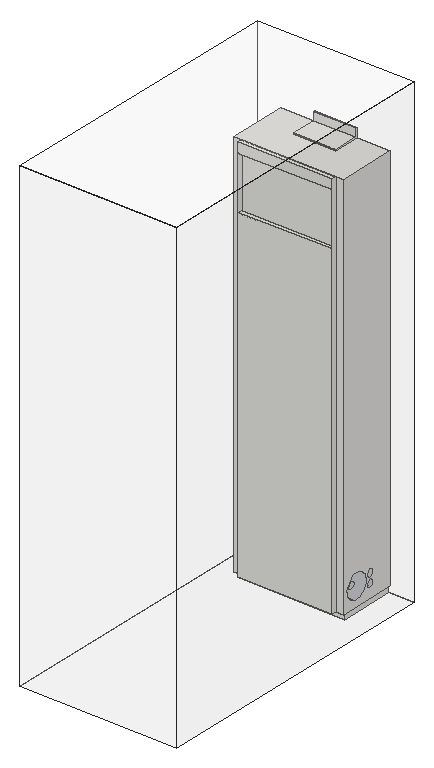
Revit family "ps-rp50_160ka22_50hz", category 機械設備, Revit 2023
Family settings
  丸型コネクタ寸法 = 直径を使用
  パーツ タイプ = 標準
  OmniClass 番号 = 23.75.10.24.21.27.27
  OmniClass タイトル = Split System Air Conditioning Units
  作業面ベース = いいえ
  常に垂直 = はい
  ロード時にボイドで切り取り = いいえ
  注釈の向きを維持 = いいえ
  共有 = いいえ
  部屋計算ポイント = はい
Parameters (values of type "PS-RP50KA22")
  風量_強 (㎥/min) = 14
  風量_弱 (㎥/min) = 12
  風量_中 (㎥/min) = 13
  風量 = MAX風量  # 840.0 m³/h
  音響パワーレベル_弱 (dB) = 52
  音響パワーレベル_中 (dB) = 54
  音響パワーレベル_強 (dB) = 56
  音響パワーレベル(dB) = [音響パワーレベル_強 (dB)]  # 56
  電線用ノックアウト穴Z2 = 90 mm
  電線用ノックアウト穴Z1 = 130 mm
  電線用ノックアウト穴Y = 110 mm
  電源種別 = ""
  電源_H = 0 mm
  電機品箱位置W = 22 mm
  電機品箱位置H = 641 mm
  電機品箱位置D = 170 mm
  電機品箱W = 348 mm
  電機品箱H = 151 mm
  電機品箱D = 61 mm
  電圧 = 0 V
  電動機出力_送風機 = 0.05 kW
  運転質量 = 0.00 kg
  連動 = ""
  転倒防止金具幅 = 180 mm
  質量 = if(製品質量 > 運転質量, 製品質量, 運転質量) * 1.2  # 42.00 kg
  負荷分類 = 3_ファン類
  構成品番 = ""
  既定の高さ = 0 mm
  吊り位置y_3 = 175 mm
  吊り位置X_3 = 80 mm
  冷媒，ドレン配管用ノックアウト穴正面-Z = 105 mm
  冷媒，ドレン配管用ノックアウト穴正面-X2 = 20 mm
  ドレン管径 (外径) = 26 mm
  【値が 0 の項目は組合せ形名にてご確認ください】 = ""
  MIN風量 = [風量_弱 (㎥/min)] * 60.0 m³/h  # 720.0 m³/h
  MID風量 = [風量_中 (㎥/min)] * 60.0 m³/h  # 780.0 m³/h
  MAX風量 = [風量_強 (㎥/min)] * 60.0 m³/h  # 840.0 m³/h
  吸込口高さ = 585 mm
  吸込口幅 = 405 mm
  吊り位置Y_1 = 55 mm
  吊り位置Y_2 = 145 mm
  吊り位置X_2 = 280 mm
  吊り位置X_1 = 200 mm
  冷媒，ドレン配管用ノックアウト穴側面-Z = 110 mm
  冷媒，ドレン配管用ノックアウト穴側面-Y = 180 mm
  冷媒，ドレン配管用ノックアウト穴正面-X1 = 75 mm
  冷媒液管位置-Z = 550 mm
  冷媒液管位置-Y = 201 mm
  冷媒液管位置-X = 45 mm
  冷媒ガス管位置-Z = 402 mm
  冷媒ガス管位置-Y = 186 mm
  冷媒ガス管位置-X = 78 mm
  吹出口高さ = 230 mm
  吹出口幅 = 400 mm
  ドレン管径-Y = 210 mm
  ドレン管径-X = 25 mm
  Width = 470 mm
  URL = "https://www.mitsubishielectric.co.jp/ldg/wink/qr/002/364631"
  Height = 1700 mm
  説明 = "店舗・事務所用パッケージエアコン(Mr.SLIM) 床置形"
  設計暖房能力 = 0.00 kW
  設計冷房能力_顕熱 = 0 kW
  設計冷房能力 = 0 kW
  設置方法 = "床置形"
  記号 = ""
  製造元 = "三菱電機株式会社"
  製品質量 = 35.00 kg
  製品出荷対象 = "国内"
  製品リリース年月 = "2026/5/11"
  製品グループ = ""
  系統 = ""
  符号 = "PAC_FRV"
  積算_科目 = "1 空気調和設備"
  積算_拾い区分 [instance] = ""
  盤記号 = ""
  発停方法 = "別売リモコン"
  特殊仕様 = ""
  火災停止 = ""
  消費電力_暖房 = 0.08 kW
  消費電力_冷房 = 0.09 kW
  消費電力 = if(消費電力_冷房 > 消費電力_暖房, 消費電力_冷房, 消費電力_暖房)  # 0.09 kW
  法定耐用年数 = "6"
  極数 = 3
  材質 = ""
  本体マテリアル = none
  有効加湿量 = 0
  暖房能力 = 5.00 kW
  形式_加湿器 = ""
  形式 = "床置（露出）立形"
  幹線記号 = ""
  始動方式 = "インバータ"
  呼称 = "パッケージ形空気調和機_室内機"
  周波数 = 50 Hz
  台数_手元リモコン = ""
  台数_冷媒分岐ユニット = ""
  参照している仕様書等のバージョン = "公共建築工事標準仕様書（機械設備工事編）平成31年度版"
  加湿給水管径 = 0 mm
  分類コード = "50053003123100"
  分類グループ = "設備"
  冷房能力 = 4.5 kW
  冷媒高低圧ガス管径 = 0 mm
  冷媒管径符号 = "Ac"
  冷媒管径 = 100 mm
  冷媒液管径 = 6.35 mm
  冷媒ガス管径 = 12.7 mm
  企業コード = "108420"
  付属品_フィルター = ""
  付属品 = ""
  モデル = "PS-RP50KA22"
  パネルマテリアル = none
  ドレン管径 = 20 mm
  サービススペース = yes
  コメント [instance] = ""
  Version = ""
  Uniclass2015Version = "Systems v1.9"
  Uniclass2015Title = "Split coil remote air cooled condensing units"
  Uniclass2015Code = "Pr_70_65_03_84"
  SpecificationReference = ""
  SpecificationDescription = ""
  Revision = ""
  ProductInformation = ""
  OmniClassCode = "23-33 17 13 11"
  IfcTypeProduct = ""
  IfcProduct = ""
  IfcExportType = "AIRCONDITIONINGUNIT"
  IfcExportAs = "IfcUnitaryEquipmentType"
  Depth = 270 mm
  価格 = 0
  Clearance Top = 300 mm
  Clearance Right = 100 mm
  Clearance Left = 100 mm
  Clearance Front = 1000 mm
  Clearance Bottom = 0 mm
  Clearance Back = 5 mm
  BLCJ仕様バージョン = "2.0"
  B = 797 mm
  Author = "三菱電機株式会社"
  A = 172.5 mm
Types (8, lengths in mm): name | 風量_強 (㎥/min) | 風量_弱 (㎥/min) | 風量_中 (㎥/min) | 風量 | 音響パワーレベル_弱 (dB) | 音響パワーレベル_中 (dB) | 音響パワーレベル_強 (dB) | 音響パワーレベル(dB) | 電線用ノックアウト穴Z1 | 電線用ノックアウト穴Y | 電機品箱位置H | 電機品箱位置D | 電機品箱W | 電機品箱H | 電機品箱D | 電動機出力_送風機 | 転倒防止金具幅 | 質量 | 吊り位置y_3 | 吊り位置X_3 | 冷媒，ドレン配管用ノックアウト穴正面-Z | MIN風量 | MID風量 | MAX風量 | 吸込口高さ | 吸込口幅 | 吊り位置Y_1 | 吊り位置Y_2 | 吊り位置X_2 | 吊り位置X_1 | 冷媒，ドレン配管用ノックアウト穴側面-Z | 冷媒，ドレン配管用ノックアウト穴側面-Y | 冷媒，ドレン配管用ノックアウト穴正面-X1 | 冷媒液管位置-Z | 冷媒液管位置-Y | 冷媒液管位置-X | 冷媒ガス管位置-Z | 冷媒ガス管位置-Y | 冷媒ガス管位置-X | 吹出口高さ | 吹出口幅 | ドレン管径-Y | ドレン管径-X | Width | URL | Height | 製品質量 | 消費電力_暖房 | 消費電力_冷房 | 消費電力 | 暖房能力 | 冷房能力 | 冷媒管径符号 | 冷媒液管径 | 冷媒ガス管径 | モデル | Depth | B | A
  PS-RP50KA22 | 14 | 12 | 13 | 840.0 m³/h | 52 | 54 | 56 | 56 | 130 | 110 | 641 | 170 | 348 | 151 | 61 | 0.05 kW | 180 | 42.00 kg | 175 | 80 | 105 | 720.0 m³/h | 780.0 m³/h | 840.0 m³/h | 585 | 405 | 55 | 145 | 280 | 200 | 110 | 180 | 75 | 550 | 201 | 45 | 402 | 186 | 78 | 230 | 400 | 210 | 25 | 470 | "https://www.mitsubishielectric.co.jp/ldg/wink/qr/002/364631" | 1700 | 35.00 kg | 0.08 kW | 0.09 kW | 0.09 kW | 5.00 kW | 4.5 kW | "Ac" | 6.35 | 12.7 | "PS-RP50KA22" | 270 | 797 | 172.5
  PS-RP56KA22 | 14 | 12 | 13 | 840.0 m³/h | 52 | 54 | 56 | 56 | 130 | 110 | 641 | 170 | 348 | 151 | 61 | 0.05 kW | 180 | 42.00 kg | 175 | 80 | 105 | 720.0 m³/h | 780.0 m³/h | 840.0 m³/h | 585 | 405 | 55 | 145 | 280 | 200 | 110 | 180 | 75 | 550 | 201 | 45 | 402 | 186 | 78 | 230 | 400 | 210 | 25 | 470 | "https://www.mitsubishielectric.co.jp/ldg/wink/qr/002/364632" | 1700 | 35.00 kg | 0.08 kW | 0.09 kW | 0.09 kW | 5.60 kW | 5 kW | "Ac" | 6.35 | 12.7 | "PS-RP56KA22" | 270 | 797 | 172.5
  PS-RP63KA22 | 15 | 13 | 14 | 900.0 m³/h | 52 | 54 | 56 | 56 | 130 | 110 | 641 | 170 | 348 | 151 | 61 | 0.05 kW | 180 | 42.00 kg | 175 | 80 | 105 | 780.0 m³/h | 840.0 m³/h | 900.0 m³/h | 585 | 405 | 55 | 145 | 280 | 200 | 110 | 180 | 75 | 550 | 201 | 45 | 402 | 186 | 78 | 230 | 400 | 210 | 25 | 470 | "https://www.mitsubishielectric.co.jp/ldg/wink/qr/002/364633" | 1700 | 35.00 kg | 0.08 kW | 0.09 kW | 0.09 kW | 6.30 kW | 5.6 kW | "Ac" | 6.35 | 12.7 | "PS-RP63KA22" | 270 | 797 | 172.5
  PS-RP71KA22 | 15 | 13 | 14 | 900.0 m³/h | 52 | 55 | 57 | 57 | 130 | 110 | 641 | 170 | 348 | 151 | 61 | 0.05 kW | 180 | 42.00 kg | 175 | 80 | 105 | 780.0 m³/h | 840.0 m³/h | 900.0 m³/h | 585 | 405 | 55 | 145 | 280 | 200 | 110 | 180 | 75 | 550 | 201 | 45 | 402 | 186 | 78 | 230 | 400 | 210 | 25 | 470 | "https://www.mitsubishielectric.co.jp/ldg/wink/qr/002/364634" | 1700 | 35.00 kg | 0.08 kW | 0.09 kW | 0.09 kW | 7.10 kW | 6.3 kW | "Bd" | 9.52 | 15.88 | "PS-RP71KA22" | 270 | 797 | 172.5
  PS-RP80KA22 | 15 | 13 | 14 | 900.0 m³/h | 52 | 55 | 57 | 57 | 130 | 110 | 641 | 170 | 348 | 151 | 61 | 0.05 kW | 180 | 42.00 kg | 175 | 80 | 105 | 780.0 m³/h | 840.0 m³/h | 900.0 m³/h | 585 | 405 | 55 | 145 | 280 | 200 | 110 | 180 | 75 | 550 | 201 | 45 | 402 | 186 | 78 | 230 | 400 | 210 | 25 | 470 | "https://www.mitsubishielectric.co.jp/ldg/wink/qr/002/364635" | 1700 | 35.00 kg | 0.08 kW | 0.09 kW | 0.09 kW | 8.00 kW | 7.1 kW | "Bd" | 9.52 | 15.88 | "PS-RP80KA22" | 270 | 797 | 172.5
  PS-RP112KA22 | 30 | 24 | 27 | 1800.0 m³/h | 57 | 61 | 63 | 63 | 140 | 190 | 714 | 245 | 461 | 123 | 66 | 0.11 kW | 260 | 57.60 kg | 254 | 99 | 110 | 1440.0 m³/h | 1620.0 m³/h | 1800.0 m³/h | 599 | 524 | 77 | 201 | 277 | 218 | 115 | 260 | 105 | 590 | 261 | 48 | 480 | 261 | 95 | 260 | 520 | 289 | 27 | 600 | "https://www.mitsubishielectric.co.jp/ldg/wink/qr/002/364636" | 1900 | 48.00 kg | 0.11 kW | 0.12 kW | 0.12 kW | 11.20 kW | 10 kW | "Bd" | 9.52 | 15.88 | "PS-RP112KA22" | 360 | 834 | 181
  PS-RP140KA22 | 30 | 24 | 27 | 1800.0 m³/h | 57 | 61 | 63 | 63 | 140 | 190 | 714 | 245 | 461 | 123 | 66 | 0.11 kW | 260 | 57.60 kg | 254 | 99 | 110 | 1440.0 m³/h | 1620.0 m³/h | 1800.0 m³/h | 599 | 524 | 77 | 201 | 277 | 218 | 115 | 260 | 105 | 590 | 261 | 48 | 480 | 261 | 95 | 260 | 520 | 289 | 27 | 600 | "https://www.mitsubishielectric.co.jp/ldg/wink/qr/002/364637" | 1900 | 48.00 kg | 0.11 kW | 0.12 kW | 0.12 kW | 14.00 kW | 12.5 kW | "Bd" | 9.52 | 15.88 | "PS-RP140KA22" | 360 | 834 | 181
  PS-RP160KA22 | 30 | 24 | 27 | 1800.0 m³/h | 59 | 62 | 64 | 64 | 140 | 190 | 714 | 245 | 461 | 123 | 66 | 0.11 kW | 260 | 57.60 kg | 254 | 99 | 110 | 1440.0 m³/h | 1620.0 m³/h | 1800.0 m³/h | 599 | 524 | 77 | 201 | 277 | 218 | 115 | 260 | 105 | 590 | 261 | 48 | 480 | 261 | 95 | 260 | 520 | 289 | 27 | 600 | "https://www.mitsubishielectric.co.jp/ldg/wink/qr/002/364638" | 1900 | 48.00 kg | 0.11 kW | 0.12 kW | 0.12 kW | 16.00 kW | 14 kW | "Bd" | 9.52 | 15.88 | "PS-RP160KA22" | 360 | 834 | 181
Reference planes
  plane 1 "中心(正面/背面)": y = 0
  plane 2: z = 0
  plane 3 "中心(左/右)": x = 0
  plane 4: x = -235
  plane 5: x = 235
  plane 6: z = 1700
  plane 7: z = 30
  plane 8: x = 157
  plane 9: x = 190
  plane 10: x = 210
  plane 11: x = -90
  plane 12: x = 90
  plane 13: z = 550
  plane 14: z = 402
  plane 15: z = 1430
  plane 16: z = 757.5
  plane 17: z = 172.5
  plane 18: x = -202.5
  plane 19: x = 202.5
  plane 20: z = 827
  plane 21: z = 1660
  plane 22: x = -335
  plane 23: x = 335
  plane 24: z = 2000
  plane 25: z = 110
  plane 26 "本体背面": y = 0
  plane 27: y = -250
  plane 28 "Front": y = -270
  plane 29: y = -186
  plane 30: y = -201
  plane 31: y = -210
  plane 32: y = 5
  plane 33: y = -1270
  plane 34: y = -180
  plane 35: y = -110
  plane 36: x = -122.5
  plane 37: x = 122.5
  plane 38: y = -55
  plane 39: y = -200
  plane 40: x = -140
  plane 41: x = 140
  plane 42: x = -100
  plane 43: x = 100
  plane 44: z = 105
  plane 45: x = 160
  plane 46: x = -20
  plane 47: z = 90
  plane 48: z = 130
  plane 49: z = 125
  plane 50: x = -225
  plane 51: y = -175
  plane 52: x = 155
  plane 53: y = -170
  plane 54: y = -231
  plane 55: z = 641
  plane 56: z = 792
  plane 57: x = -213
  plane 58: x = 135
Forms (mm)
  Extrusion 1, solid, material "Paint(Ivory)"
    sketch origin (0, -125, 0) x (1, 0, 0) y (0, 1, 0)
      loop
        line (-235, 125) -> (-235, -125) -> (235, -125) -> (235, 125) -> (-235, 125)
    from 30 to 1700
  Extrusion 2, solid, material "Paint(Ivory)", detail levels fine
    sketch origin (0, -125, 0) x (1, 0, 0) y (0, 1, 0)
      loop
        line (-202.5, -145) -> (202.5, -145) -> (202.5, -125) -> (-202.5, -125) -> (-202.5, -145)
    from 30 to 1700
  Extrusion 3, solid, material "Paint(Ivory)", detail levels fine
    sketch origin (0, -125, 0) x (1, 0, 0) y (0, 1, 0)
      loop
        line (-225, -105) -> (225, -105) -> (225, 125) -> (-225, 125) -> (-225, -105)
    from 0 to 30
  Extrusion 4, solid, material "Paint(Ivory)", detail levels fine
    sketch origin (0, -125, 0) x (0, 1, 0) y (0, 0, 1)
      loop
        line (125, 1740) -> (120, 1740) -> (120, 1704.676) -> (14, 1704.676) -> (14, 1700) -> (125, 1700) -> (125, 1740)
    from -90 to 90
  Extrusion 5, solid, detail levels fine
    sketch origin (0, -125, 0) x (1, 0, 0) y (0, 1, 0)
      loop
        circle (157, -61) r 6.35
    from 402 to 827
  Extrusion 6, solid, detail levels fine
    sketch origin (35, -140, 0) x (1, 0, 0) y (0, 1, 0)
      loop
        circle (155, -61) r 3.175
    from 550 to 827
  Extrusion 7, solid, detail levels fine
    sketch origin (0, -125, 0) x (1, 0, 0) y (0, 1, 0)
      loop
        circle (210, -85) r 13
    from 125 to 827
  Extrusion 8, void
    sketch origin (0, -125, 0) x (1, 0, 0) y (0, 0, 1)
      loop
        line (-200, 1660) -> (-200, 1430) -> (200, 1430) -> (200, 1660) -> (-200, 1660)
    from 125 to 145
  Extrusion 9, solid, detail levels fine
    sketch origin (0, -125, 0) x (0, 1, 0) y (0, 0, 1)
      loop
        circle (-55, 110) r 50
    from 225 to 235
  Extrusion 10, solid
    sketch origin (1480.036, -270, 1200) x (1, 0, 0) y (0, 0, -1)
      loop
        circle (-1500.036, 1095) r 50
    from 265 to 270
  Extrusion 11, solid
    sketch origin (1630.036, -270, 1200) x (1, 0, 0) y (0, 0, -1)
      loop
        circle (-1470.036, 1095) r 50
    from 265 to 270
  Extrusion 12, solid, detail levels fine
    sketch origin (0, 0, 0) x (0, 1, 0) y (0, 0, 1)
      loop
        circle (-110, 90) r 13.5
      loop
        circle (-110, 130) r 13.5
    from 225 to 235
  Extrusion 13, solid
    sketch origin (0, 0, 0) x (1, 0, 0) y (0, 1, 0)
      loop
        circle (185, -175) r 13
    from 0 to 1.766
  Extrusion 14, solid
    sketch origin (0, 0, 0) x (0, 1, 0) y (0, 0, 1)
      loop
        circle (-210, 125) r 13
    from 235 to 225
  Extrusion 15, solid
    sketch origin (0, 0, 0) x (0, 1, 0) y (0, 0, 1)
      loop
        circle (-180, 110) r 50
    from -225 to -235
  Extrusion 16, solid
    sketch origin (0, 0, 0) x (0, 1, 0) y (0, 0, 1)
      loop
        circle (-210, 125) r 13
    from -235 to -225
  Extrusion 17, solid
    sketch origin (0, 0, 0) x (1, 0, 0) y (0, 1, 0)
      loop
        circle (155, -175) r 50
    from 0 to 30
  Extrusion 18, solid
    sketch origin (1480.036, -270, 1200) x (1, 0, 0) y (0, 0, -1)
      loop
        circle (-1470.036, 1090) r 13
    from 270 to 265
  Extrusion 19, solid
    sketch origin (1480.036, -270, 1200) x (1, 0, 0) y (0, 0, -1)
      loop
        circle (-1290.036, 1090) r 13
    from 265 to 270
  Extrusion 20, solid, detail levels fine
    sketch origin (0, 0, 0) x (1, 0, 0) y (0, 0, 1)
      loop
        line (-213, 792) -> (-213, 641) -> (135, 641) -> (135, 792) -> (-213, 792)
    from 170 to 231
Cuts and joins
  Extrusion 8 cuts Extrusion 1
  Extrusion 8 cuts Extrusion 2
Lines and regions (mm)
  model lines, detail levels fine
    curve 1: line (-235, -250, 827) -> (-202.5, -250, 827)
    curve 2: line (235, -250, 827) -> (202.5, -250, 827)
    curve 3: line (-202.5, -270, 172.5) -> (202.5, -270, 172.5)
    curve 4: line (-202.5, -270, 757.5) -> (-202.5, -270, 172.5)
    curve 5: line (202.5, -270, 757.5) -> (202.5, -270, 172.5)
    curve 6: line (-202.5, -270, 757.5) -> (202.5, -270, 757.5)
    curve 7: line (-202.5, -270, 189.706) -> (202.5, -270, 189.706)
    curve 8: line (-202.5, -270, 206.912) -> (202.5, -270, 206.912)
    curve 9: line (-202.5, -270, 224.118) -> (202.5, -270, 224.118)
    curve 10: line (-202.5, -270, 241.324) -> (202.5, -270, 241.324)
    curve 11: line (-202.5, -270, 258.529) -> (202.5, -270, 258.529)
    curve 12: line (-202.5, -270, 275.735) -> (202.5, -270, 275.735)
    curve 13: line (-202.5, -270, 292.941) -> (202.5, -270, 292.941)
    curve 14: line (-202.5, -270, 310.147) -> (202.5, -270, 310.147)
    curve 15: line (-202.5, -270, 327.353) -> (202.5, -270, 327.353)
    curve 16: line (-202.5, -270, 344.559) -> (202.5, -270, 344.559)
    curve 17: line (-202.5, -270, 361.765) -> (202.5, -270, 361.765)
    curve 18: line (-202.5, -270, 378.971) -> (202.5, -270, 378.971)
    curve 19: line (-202.5, -270, 396.176) -> (202.5, -270, 396.176)
    curve 20: line (-202.5, -270, 413.382) -> (202.5, -270, 413.382)
    curve 21: line (-202.5, -270, 430.588) -> (202.5, -270, 430.588)
    curve 22: line (-202.5, -270, 447.794) -> (202.5, -270, 447.794)
    curve 23: line (-202.5, -270, 465) -> (202.5, -270, 465)
    curve 24: line (-202.5, -270, 482.206) -> (202.5, -270, 482.206)
    curve 25: line (-202.5, -270, 499.412) -> (202.5, -270, 499.412)
    curve 26: line (-202.5, -270, 516.618) -> (202.5, -270, 516.618)
    curve 27: line (-202.5, -270, 533.824) -> (202.5, -270, 533.824)
    curve 28: line (-202.5, -270, 551.029) -> (202.5, -270, 551.029)
    curve 29: line (-202.5, -270, 568.235) -> (202.5, -270, 568.235)
    curve 30: line (-202.5, -270, 585.441) -> (202.5, -270, 585.441)
    curve 31: line (-202.5, -270, 602.647) -> (202.5, -270, 602.647)
    curve 32: line (-202.5, -270, 619.853) -> (202.5, -270, 619.853)
    curve 33: line (-202.5, -270, 637.059) -> (202.5, -270, 637.059)
    curve 34: line (-202.5, -270, 654.265) -> (202.5, -270, 654.265)
    curve 35: line (-202.5, -270, 671.471) -> (202.5, -270, 671.471)
    curve 36: line (-202.5, -270, 688.676) -> (202.5, -270, 688.676)
    curve 37: line (-202.5, -270, 705.882) -> (202.5, -270, 705.882)
    curve 38: line (-202.5, -270, 723.088) -> (202.5, -270, 723.088)
    curve 39: line (-202.5, -270, 740.294) -> (202.5, -270, 740.294)
    curve 40: line (200, -270, 1660) -> (200, -270, 1430)
    curve 41: line (-200, -270, 1430) -> (200, -270, 1430)
    curve 42: line (-60, -270, 1326) -> (60, -270, 1326)
    curve 43: line (-60, -270, 1206) -> (-60, -270, 1326)
    curve 44: line (60, -270, 1206) -> (-60, -270, 1206)
    curve 45: line (60, -270, 1326) -> (60, -270, 1206)
    curve 46: line (-200, -270, 1430) -> (200, -270, 1430)
    curve 47: line (-200, -270, 1660) -> (-200, -270, 1430)
    curve 48: line (-200, -270, 1660) -> (200, -270, 1660)
    curve 49: line (-200, -270, 1462.857) -> (200, -270, 1462.857)
    curve 50: line (-200, -270, 1495.714) -> (200, -270, 1495.714)
    curve 51: line (-200, -270, 1528.571) -> (200, -270, 1528.571)
    curve 52: line (-200, -270, 1561.429) -> (200, -270, 1561.429)
    curve 53: line (-200, -270, 1594.286) -> (200, -270, 1594.286)
    curve 54: line (-200, -270, 1627.143) -> (200, -270, 1627.143)
    curve 55: line (200, -270, 1660) -> (200, -270, 1430)
    curve 56: line (-142.857, -270, 1660) -> (-142.857, -270, 1430)
    curve 57: line (-85.714, -270, 1660) -> (-85.714, -270, 1430)
    curve 58: line (-28.571, -270, 1660) -> (-28.571, -270, 1430)
    curve 59: line (28.571, -270, 1660) -> (28.571, -270, 1430)
    curve 60: line (85.714, -270, 1660) -> (85.714, -270, 1430)
    curve 61: line (142.857, -270, 1660) -> (142.857, -270, 1430)
    curve 62: line (-202.5, -270, 827) -> (-94.055, -270, 827)
    curve 63: line (202.5, -270, 827) -> (94.055, -270, 827)
    curve 64: arc (-94.055, -270, 827) -> (-84.472, -270, 826.073) -> (-75.244, -270, 823.326) r 50
    curve 65: arc (75.244, -270, 823.326) -> (84.472, -270, 826.073) -> (94.055, -270, 827) r 50
    curve 66: arc (-75.244, -270, 823.326) -> (0, -270, 808.632) -> (75.244, -270, 823.326) r 200
Dimensions and locks
  equal spacing: plane 4, plane 3 "中心(左/右)", plane 5
  "Width": plane 4 to plane 5
  "Height": plane 6 to plane 2
  plane 7 to level = 30 mm
  equal spacing: plane 11, plane 3 "中心(左/右)", plane 12
  "転倒防止金具幅": plane 11 to plane 12
  "冷媒液管位置-Z": plane 13 to plane 2
  "冷媒ガス管位置-Z": plane 14 to plane 2
  "A": plane 17 to plane 2
  "吸込口高さ": plane 16 to plane 17
  "B": plane 20 to plane 7
  locked: plane 6 to plane 21 at 40
  "吹出口高さ": plane 21 to plane 15
  equal spacing: plane 19, plane 3 "中心(左/右)", plane 18
  "吸込口幅": plane 19 to plane 18
  plane 12 to plane 11 = 180 mm
  plane 5 to plane 4 = 470 mm
  "Clearance Left": plane 22 to plane 4
  "Clearance Top": plane 24 to plane 6
  "冷媒，ドレン配管用ノックアウト穴側面-Z": plane 25 to plane 2
  plane 27 to plane 28 "Front" = 20 mm
  locked: Extrusion 3 sketch curve to plane 5 at 10
  locked: Extrusion 3 sketch curve to plane 27 at 20
  "冷媒ガス管位置-Y": plane 29 to plane 26 "本体背面"
  "冷媒液管位置-Y": plane 30 to plane 26 "本体背面"
  "ドレン管径-Y": plane 31 to plane 26 "本体背面"
  locked: Extrusion 4 sketch curve to Extrusion 4 sketch curve at 5
  locked: Extrusion 4 sketch curve to Extrusion 4 sketch curve at 111
  "冷媒ガス管位置-X": plane 8 to plane 5
  "冷媒液管位置-X": plane 9 to plane 5
  "ドレン管径-X": plane 10 to plane 5
  equal spacing: Extrusion 8 sketch curve, plane 3 "中心(左/右)", Extrusion 8 sketch curve
  "吹出口幅": Extrusion 8 sketch curve to Extrusion 8 sketch curve
  "Clearance Front": plane 28 "Front" to plane 33
  "Clearance Back": plane 26 "本体背面" to plane 32
  "Clearance Right": plane 5 to plane 23
  locked: Extrusion 9 to plane 5 at 10
  equal spacing: curve 6, curve 39, curve 38, curve 37, curve 36, curve 35, curve 34, curve 33, curve 32, curve 31, curve 30, curve 29, curve 28, curve 27, curve 26, curve 25, curve 24, curve 23, curve 22, curve 21, curve 20, curve 19, curve 18, curve 17, curve 16, curve 15, curve 14, curve 13, curve 12, curve 11, curve 10, curve 9, curve 8, curve 7, curve 3
  cut or joined group of Extrusion 2, Extrusion 8 to cut or joined group of Extrusion 2, Extrusion 8 = 400 mm
  locked: curve 42 to curve 44 at 120
  locked: curve 45 to curve 43 at 120
  equal spacing: cut or joined group of Extrusion 2, Extrusion 8, curve 54, curve 53, curve 52, curve 51, curve 50, curve 49, cut or joined group of Extrusion 2, Extrusion 8
  "Clearance Bottom": plane 2 to nested 1
  locked: plane 15 to curve 42 at 104
  "電線用ノックアウト穴Y": plane 26 "本体背面" to plane 35
  "冷媒，ドレン配管用ノックアウト穴側面-Y": plane 26 "本体背面" to plane 34
  equal spacing: curve 45, plane 3 "中心(左/右)", curve 43
  equal spacing: cut or joined group of Extrusion 2, Extrusion 8, curve 56, curve 57, curve 58, curve 59, curve 60, curve 61, cut or joined group of Extrusion 2, Extrusion 8
  "吊り位置Y_1": plane 38 to plane 26 "本体背面"
  "吊り位置Y_2": plane 38 to plane 39
  equal spacing: plane 40, plane 3 "中心(左/右)", plane 41
  "吊り位置X_2": plane 40 to plane 41
  equal spacing: plane 42, plane 3 "中心(左/右)", plane 43
  "吊り位置X_1": plane 42 to plane 43
  "冷媒，ドレン配管用ノックアウト穴正面-X1": plane 45 to plane 5
  "冷媒，ドレン配管用ノックアウト穴正面-X2": plane 3 "中心(左/右)" to plane 46
  "電線用ノックアウト穴Z2": plane 47 to level
  "電線用ノックアウト穴Z1": plane 48 to plane 2
  locked: Extrusion 11 to cut or joined group of Extrusion 1, Extrusion 8 at 5
  locked: Extrusion 10 to cut or joined group of Extrusion 1, Extrusion 8 at 5
  "冷媒，ドレン配管用ノックアウト穴正面-Z": plane 2 to plane 44
  plane 8 to plane 9 = 33 mm
  "Depth": plane 26 "本体背面" to plane 28 "Front"
  plane 49 to level = 125 mm
  plane 50 to plane 4 = 10 mm
  "吊り位置y_3": plane 26 "本体背面" to plane 51
  "吊り位置X_3": plane 52 to plane 5
  Extrusion 18 sketch curve to plane 46 = 30 mm
  plane 45 to Extrusion 19 sketch curve = 30 mm
  plane 52 to Extrusion 13 sketch curve = 30 mm
  "電機品箱位置D": plane 53 to plane 26 "本体背面"
  "電機品箱D": plane 54 to plane 53
  "電機品箱位置H": plane 55 to plane 2
  "電機品箱H": plane 56 to plane 55
  "電機品箱位置W": plane 57 to plane 4
  "電機品箱W": plane 58 to plane 57
  "冷媒ガス管径": diameter of Extrusion 5 sketch curve
  "冷媒液管径": diameter of Extrusion 6 sketch curve
  "ドレン管径 (外径)": diameter of Extrusion 7 sketch curve
  "冷媒管径": diameter of Extrusion 9 sketch curve
  "冷媒管径": diameter of Extrusion 10 sketch curve
  "冷媒管径": diameter of Extrusion 11 sketch curve
  radius of curve 66 = 200 mm
  "ドレン管径 (外径)": diameter of Extrusion 13 sketch curve
  "ドレン管径 (外径)": diameter of Extrusion 14 sketch curve
  "冷媒管径": diameter of Extrusion 17 sketch curve
  "ドレン管径 (外径)": diameter of Extrusion 18 sketch curve
  "ドレン管径 (外径)": diameter of Extrusion 19 sketch curve
  aligned and locked: level to plane 2
  aligned and locked: plane 26 "本体背面" to Extrusion 1 sketch curve
  aligned and locked: plane 27 to Extrusion 1 sketch curve
  aligned and locked: plane 5 to Extrusion 1 sketch curve
  aligned and locked: plane 27 to Extrusion 2 sketch curve
  aligned and locked: Extrusion 2 sketch curve to plane 28 "Front"
  aligned and locked: Extrusion 3 sketch curve to plane 26 "本体背面"
  aligned and locked: plane 8 to Extrusion 5 sketch curve
  aligned and locked: plane 29 to Extrusion 5 sketch curve
  aligned and locked: plane 9 to Extrusion 6 sketch curve
  aligned and locked: plane 30 to Extrusion 6 sketch curve
  aligned and locked: plane 10 to Extrusion 7 sketch curve
  aligned and locked: plane 31 to Extrusion 7 sketch curve
  aligned and locked: Extrusion 7 to Extrusion 5
  aligned and locked: Extrusion 6 to Extrusion 5
  aligned and locked: Extrusion 8 to plane 28 "Front"
  aligned and locked: plane 27 to Extrusion 8
  aligned and locked: plane 32 to nested 1
  aligned and locked: nested 1 to plane 33
  aligned and locked: plane 34 to Extrusion 9 sketch curve
  aligned and locked: Extrusion 9 to plane 5
  aligned and locked: Extrusion 9 to Extrusion 3
  aligned and locked: nested 1 to plane 23
  aligned and locked: plane 23 to nested 1
  aligned and locked: plane 1 "中心(正面/背面)" to plane 26 "本体背面"
  aligned and locked: plane 24 to nested 1
  aligned and locked: plane 6 to cut or joined group of Extrusion 2, Extrusion 8
  aligned and locked: plane 6 to cut or joined group of Extrusion 1, Extrusion 8
  aligned and locked: Extrusion 4 to plane 6
  aligned and locked: plane 21 to cut or joined group of Extrusion 2, Extrusion 8
  aligned and locked: cut or joined group of Extrusion 2, Extrusion 8 to plane 15
  aligned and locked: cut or joined group of Extrusion 2, Extrusion 8 to plane 18
  aligned and locked: plane 19 to curve 5
  aligned and locked: plane 19 to curve 2
  aligned and locked: plane 18 to curve 1
  aligned and locked: Extrusion 5 to plane 14
  aligned and locked: Extrusion 6 to plane 13
  aligned and locked: curve 4 to plane 18
  aligned and locked: cut or joined group of Extrusion 2, Extrusion 8 to plane 19
  aligned and locked: plane 18 to cut or joined group of Extrusion 2, Extrusion 8
  aligned and locked: curve 55 to cut or joined group of Extrusion 2, Extrusion 8
  aligned and locked: curve 47 to cut or joined group of Extrusion 2, Extrusion 8
  aligned and locked: curve 48 to plane 21
  aligned and locked: curve 46 to plane 15
  aligned and locked: plane 18 to curve 62
  aligned and locked: curve 62 to plane 20
  aligned and locked: plane 19 to curve 63
  aligned and locked: plane 20 to curve 63
  aligned and locked: plane 20 to curve 65
  aligned and locked: plane 22 to nested 1
  aligned and locked: Extrusion 1 to plane 4
  aligned and locked: cut or joined group of Extrusion 1, Extrusion 8 to plane 5
  aligned and locked: nested 1 to plane 24
  aligned and locked: cut or joined group of Extrusion 1, Extrusion 8 to plane 6
  aligned and locked: nested 2 to plane 38
  aligned and locked: nested 2 to plane 39  (x2)
  aligned and locked: plane 3 "中心(左/右)" to nested 2
  aligned and locked: nested 2 to plane 40
  aligned and locked: plane 41 to nested 2
  aligned and locked: plane 38 to nested 2
  aligned and locked: nested 2 to plane 41
  aligned and locked: plane 40 to nested 2
  aligned and locked: plane 46 to Extrusion 10 sketch curve
  aligned and locked: plane 44 to Extrusion 10 sketch curve
  aligned and locked: plane 45 to Extrusion 11 sketch curve
  aligned and locked: plane 44 to Extrusion 11 sketch curve
  aligned and locked: Extrusion 11 to plane 1 "中心(正面/背面)"
  aligned and locked: Extrusion 10 to plane 1 "中心(正面/背面)"
  aligned and locked: Extrusion 4 to Extrusion 10
  aligned and locked: level to nested 1  (x2)
  aligned and locked: plane 48 to Extrusion 12 sketch curve
  aligned and locked: plane 47 to Extrusion 12 sketch curve
  aligned and locked: Extrusion 12 to plane 5
  aligned and locked: Extrusion 12 to Extrusion 3
  aligned and locked: Extrusion 7 to plane 49
  aligned and locked: plane 31 to Extrusion 14 sketch curve
  aligned and locked: plane 49 to Extrusion 14 sketch curve
  aligned and locked: Extrusion 14 to plane 5
  aligned and locked: Extrusion 9 to Extrusion 14
  aligned and locked: Extrusion 15 sketch curve to Extrusion 9
  aligned and locked: Extrusion 15 to plane 4
  aligned and locked: Extrusion 3 to Extrusion 15
  aligned and locked: Extrusion 16 sketch curve to Extrusion 14
  aligned and locked: Extrusion 16 to plane 4
  aligned and locked: Extrusion 3 to Extrusion 16
  aligned and locked: plane 52 to Extrusion 17 sketch curve
  aligned and locked: plane 51 to Extrusion 17 sketch curve
  aligned and locked: plane 25 to Extrusion 18 sketch curve
  aligned and locked: plane 25 to Extrusion 19 sketch curve
  aligned and locked: Extrusion 18 to plane 1 "中心(正面/背面)"
  aligned and locked: Extrusion 10 to Extrusion 18
  aligned and locked: Extrusion 19 to plane 1 "中心(正面/背面)"
  aligned and locked: Extrusion 10 to Extrusion 19
  aligned and locked: plane 51 to Extrusion 13 sketch curve
  aligned and locked: plane 58 to Extrusion 20
  aligned and locked: Extrusion 20 to plane 57
  aligned and locked: Extrusion 20 to plane 55
  aligned and locked: plane 56 to Extrusion 20
  aligned and locked: Extrusion 20 to plane 53
  aligned and locked: plane 54 to Extrusion 20
Automatic sketch dimensions
  Extrusion 1 sketch curve to plane 4 = 0 mm
  Extrusion 2 sketch curve to plane 18 = 0 mm
  Extrusion 2 sketch curve to plane 19 = 0 mm
  plane 4 to Extrusion 3 sketch curve = 10 mm
  Extrusion 4 sketch curve to plane 6 = 0 mm
  plane 1 "中心(正面/背面)" to Extrusion 4 sketch curve = 0 mm
  plane 6 to Extrusion 4 sketch curve = 4.676 mm
  Extrusion 4 sketch curve to Extrusion 4 sketch curve = 35.324 mm
  curve 1 to plane 4 = 0 mm
  plane 5 to curve 2 = 0 mm
  curve 1 to plane 20 = 0 mm
  curve 2 to plane 20 = 0 mm
  curve 3 to plane 17 = 0 mm
  curve 3 to plane 18 = 0 mm
  curve 66 to plane 3 "中心(左/右)" = 0 mm
  curve 6 to plane 16 = 0 mm
  plane 11 to curve 62 = 4.055 mm
  plane 12 to curve 63 = 4.055 mm
  curve 65 to plane 16 = 19.5 mm
  curve 64 to plane 16 = 19.5 mm
  curve 66 to curve 64 = 0 mm
  Extrusion 12 sketch curve to plane 35 = 0 mm  (x2)
  Extrusion 20 sketch curve to plane 55 = 0 mm
  Extrusion 20 sketch curve to plane 57 = 0 mm
  Extrusion 20 sketch curve to plane 58 = 0 mm
  plane 16 to Extrusion 20 sketch curve = 34.5 mm
  Extrusion 8 sketch curve to plane 15 = 0 mm
  Extrusion 8 sketch curve to plane 21 = 0 mm
  Extrusion 9 sketch curve to plane 25 = 0 mm
  radius of Extrusion 12 sketch curve = 13.5 mm  (x2)
Nested families
  nested 1: "サービススペース" at (0, -632.5, 1000), visible <- "サービススペース", type "サービススペース", detail levels fine
    with Width 670 mm, Height 2000 mm, Depth 1275 mm
  nested 2: "固定点" at (0, -200, 0), W2 <- "吊り位置X_2", D <- "吊り位置Y_2", W1 <- "吊り位置X_1", type "固定点"
    with W2 280 mm, W1 200 mm, D 145 mm
Connectors
  piping at (235, -180, 110), diameter 100, driven by "冷媒管径", driven by "冷媒管径符号"
    settings: on Extrusion 9, index 6, connector inside diameter 609.6 mm, connector length 0 mm, flow factor 0, pipe flow 0.0 L/s, pressure drop 0.0 Pa, fitting loss kfactor 0, connector angle 0.00°, fixture units 0, engagement length 0 mm, angle of deflection 0.00°, flow configuration 1, flow direction 1, fitting loss method 4, system type 7, joint type 0, gender type 0, connector reference index -1, connector utility 0, adjustable connector no, is connector primary yes, connector description "Ac"
  piping at (160, 0, 105), diameter 100, driven by "冷媒管径", driven by "冷媒管径符号"
    settings: on Extrusion 11, index 8, connector inside diameter 609.6 mm, connector length 0 mm, flow factor 0, pipe flow 0.0 L/s, pressure drop 0.0 Pa, fitting loss kfactor 0, connector angle 0.00°, fixture units 0, engagement length 0 mm, angle of deflection 0.00°, flow configuration 1, flow direction 1, fitting loss method 4, system type 7, joint type 0, gender type 0, connector reference index -1, connector utility 0, adjustable connector no, is connector primary no, connector description "Ac"
  piping at (-20, 0, 105), diameter 100, driven by "冷媒管径", driven by "冷媒管径符号"
    settings: on Extrusion 10, index 9, connector inside diameter 609.6 mm, connector length 0 mm, flow factor 0, pipe flow 0.0 L/s, pressure drop 0.0 Pa, fitting loss kfactor 0, connector angle 0.00°, fixture units 0, engagement length 0 mm, angle of deflection 0.00°, flow configuration 1, flow direction 1, fitting loss method 4, system type 7, joint type 0, gender type 0, connector reference index -1, connector utility 0, adjustable connector no, is connector primary no, connector description "Ac"
  piping at (185, -175, 0), diameter 20, driven by "ドレン管径"
    settings: on Extrusion 13, index 11, connector inside diameter 609.6 mm, connector length 0 mm, flow factor 0, pipe flow 0.0 L/s, pressure drop 0.0 Pa, fitting loss kfactor 0, connector angle 0.00°, fixture units 0, engagement length 0 mm, angle of deflection 0.00°, flow configuration 1, flow direction 2, fitting loss method 4, system type 16, joint type 0, gender type 0, connector reference index -1, connector utility 0, adjustable connector no, is connector primary no, connector description ""
  piping at (235, -210, 125), diameter 20, driven by "ドレン管径"
    settings: on Extrusion 14, index 12, connector inside diameter 609.6 mm, connector length 0 mm, flow factor 0, pipe flow 0.0 L/s, pressure drop 0.0 Pa, fitting loss kfactor 0, connector angle 0.00°, fixture units 0, engagement length 0 mm, angle of deflection 0.00°, flow configuration 1, flow direction 2, fitting loss method 4, system type 16, joint type 0, gender type 0, connector reference index -1, connector utility 0, adjustable connector no, is connector primary no, connector description ""
  piping at (-235, -180, 110), diameter 100, driven by "冷媒管径", driven by "冷媒管径符号"
    settings: on Extrusion 15, index 13, connector inside diameter 609.6 mm, connector length 0 mm, flow factor 0, pipe flow 0.0 L/s, pressure drop 0.0 Pa, fitting loss kfactor 0, connector angle 0.00°, fixture units 0, engagement length 0 mm, angle of deflection 0.00°, flow configuration 1, flow direction 1, fitting loss method 4, system type 7, joint type 0, gender type 0, connector reference index -1, connector utility 0, adjustable connector no, is connector primary no, connector description "Ac"
  piping at (-235, -210, 125), diameter 20, driven by "ドレン管径"
    settings: on Extrusion 16, index 14, connector inside diameter 609.6 mm, connector length 0 mm, flow factor 0, pipe flow 0.0 L/s, pressure drop 0.0 Pa, fitting loss kfactor 0, connector angle 0.00°, fixture units 0, engagement length 0 mm, angle of deflection 0.00°, flow configuration 2, flow direction 2, fitting loss method 4, system type 16, joint type 0, gender type 0, connector reference index -1, connector utility 0, adjustable connector no, is connector primary no, connector description ""
  piping at (155, -175, 0), diameter 100, driven by "冷媒管径", driven by "冷媒管径符号"
    settings: on Extrusion 17, index 15, connector inside diameter 609.6 mm, connector length 0 mm, flow factor 0, pipe flow 0.0 L/s, pressure drop 0.0 Pa, fitting loss kfactor 0, connector angle 0.00°, fixture units 0, engagement length 0 mm, angle of deflection 0.00°, flow configuration 1, flow direction 1, fitting loss method 4, system type 7, joint type 0, gender type 0, connector reference index -1, connector utility 0, adjustable connector no, is connector primary no, connector description "Ac"
  piping at (190, 0, 110), diameter 20, driven by "ドレン管径"
    settings: on Extrusion 19, index 16, connector inside diameter 609.6 mm, connector length 0 mm, flow factor 0, pipe flow 0.0 L/s, pressure drop 0.0 Pa, fitting loss kfactor 0, connector angle 0.00°, fixture units 0, engagement length 0 mm, angle of deflection 0.00°, flow configuration 1, flow direction 2, fitting loss method 4, system type 16, joint type 0, gender type 0, connector reference index -1, connector utility 0, adjustable connector no, is connector primary no, connector description ""
  piping at (10, 0, 110), diameter 20, driven by "ドレン管径"
    settings: on Extrusion 18, index 17, connector inside diameter 609.6 mm, connector length 0 mm, flow factor 0, pipe flow 0.0 L/s, pressure drop 0.0 Pa, fitting loss kfactor 0, connector angle 0.00°, fixture units 0, engagement length 0 mm, angle of deflection 0.00°, flow configuration 1, flow direction 2, fitting loss method 4, system type 16, joint type 0, gender type 0, connector reference index -1, connector utility 0, adjustable connector no, is connector primary no, connector description ""
  electrical at (-39, -231, 716.5), driven by "極数", driven by "負荷分類", driven by "電圧", driven by "消費電力"
    settings: on Extrusion 20, index 18, voltage 0 V, apparent load 90 VA, apparent load phase1 0 VA, apparent load phase2 0 VA, apparent load phase3 0 VA, power factor 1, load classification "3_ファン類", number of poles 3, system type 30, power factor state 1, is connector primary yes, connector utility no, sub classification motor no, connector description ""
Definition of nested family "サービススペース"
  Parameters (values of type "サービススペース")
    Default Elevation = 0 mm
    Width [instance] = 500 mm
    Height [instance] = 500 mm
    Depth [instance] = 500 mm
  Reference planes
    plane 1 "中心(正面/背面)": y = 0
    plane 2: z = 0
    plane 3 "中心(左/右)": x = 0
    plane 4: y = -250
    plane 5: x = 250
    plane 6: y = 250
    plane 7: x = -250
    plane 8: z = 250
    plane 9: z = -250
  Forms (mm)
    Extrusion 1, solid
      sketch origin (-638.939, 0, 72.39) x (1, 0, 0) y (0, 1, 0)
        loop
          line (388.939, 250) -> (388.939, -250) -> (888.939, -250) -> (888.939, 250) -> (388.939, 250)
      from -322.39 to 177.61
  Lines and regions (mm)
    symbolic lines
      curve 1: line (-250, 0, 250) -> (250, 0, 250)
      curve 2: line (-250, 0, -250) -> (-250, 0, 250)
      curve 3: line (250, 0, -250) -> (-250, 0, -250)
      curve 4: line (250, 0, 250) -> (250, 0, -250)
      curve 5: line (0, -250, 250) -> (0, 250, 250)
      curve 6: line (0, -250, -250) -> (0, -250, 250)
      curve 7: line (0, 250, -250) -> (0, -250, -250)
      curve 8: line (0, 250, 250) -> (0, 250, -250)
      curve 9: line (-250, 250, 0) -> (250, 250, 0)
      curve 10: line (-250, -250, 0) -> (-250, 250, 0)
      curve 11: line (250, -250, 0) -> (-250, -250, 0)
      curve 12: line (250, 250, 0) -> (250, -250, 0)
  Dimensions and locks
    equal spacing: plane 7, plane 3 "中心(左/右)", plane 5
    equal spacing: plane 4, plane 1 "中心(正面/背面)", plane 6
    "Depth": plane 4 to plane 6
    "Width": plane 7 to plane 5
    equal spacing: plane 8, plane 2, plane 9
    "Height": plane 8 to plane 9
    aligned and locked: plane 9 to curve 3
    aligned and locked: plane 7 to curve 2
    aligned and locked: curve 4 to plane 5
    aligned and locked: plane 5 to Extrusion 1
    aligned and locked: Extrusion 1 to plane 7
    aligned and locked: Extrusion 1 to plane 9
    aligned and locked: plane 8 to Extrusion 1
    aligned and locked: plane 9 to curve 7
  Automatic sketch dimensions
    plane 4 to Extrusion 1 sketch curve = 0 mm
    Extrusion 1 sketch curve to plane 7 = 0 mm
    Extrusion 1 sketch curve to plane 5 = 0 mm
    plane 6 to Extrusion 1 sketch curve = 0 mm
    curve 2 to plane 8 = 0 mm
    plane 4 to curve 11 = 0 mm
    curve 11 to plane 7 = 0 mm
    curve 11 to plane 5 = 0 mm
    plane 6 to curve 10 = 0 mm
    curve 7 to plane 4 = 0 mm
    curve 7 to plane 6 = 0 mm
    curve 6 to plane 8 = 0 mm
Definition of nested family "固定点"
  Parameters (values of type "固定点")
    Default Elevation = 0 mm
    中心円 = 20 mm
    W2 [instance] = 277 mm
    W1 [instance] = 200 mm
    D [instance] = 210 mm
  Reference planes
    plane 1 "中心(正面/背面)": y = 0
    plane 2: z = 0
    plane 3 "中心(左/右)": x = 0
    plane 4: x = 138.5
    plane 5: y = 210
    plane 6: x = -100
    plane 7: x = -138.5
    plane 8: x = 100
    plane 9: x = 338.5
    plane 10: x = -338.5
    plane 11: y = -200
    plane 12: y = 420
  Lines and regions (mm)
    symbolic lines, detail levels fine
      curve 1: line (-338.5, 210, 0) -> (338.5, 210, 0)
      curve 2: line (-338.5, 0, 0) -> (338.5, 0, 0)
      curve 3: line (138.5, 420, 0) -> (138.5, -200, 0)
      curve 4: line (-100, 420, 0) -> (-100, -200, 0)
      curve 5: line (100, 420, 0) -> (100, -200, 0)
      curve 6: line (-138.5, 420, 0) -> (-138.5, -200, 0)
    model lines, detail levels fine
      curve 7: circle (-100, 0, 0) r 10 normal (0, 0, 1)
      curve 8: circle (100, 0, 0) r 10 normal (0, 0, 1)
      curve 9: circle (138.5, 210, 0) r 10 normal (0, 0, 1)
      curve 10: circle (-138.5, 210, 0) r 10 normal (0, 0, 1)
  Dimensions and locks
    "D": plane 1 "中心(正面/背面)" to plane 5
    equal spacing: plane 6, plane 3 "中心(左/右)", plane 8
    "W1": plane 6 to plane 8
    equal spacing: plane 7, plane 3 "中心(左/右)", plane 4
    "W2": plane 7 to plane 4
    locked: plane 11 to plane 1 "中心(正面/背面)" at 200
    locked: plane 10 to plane 7 at 200
    locked: plane 12 to plane 5 at 210
    locked: plane 4 to plane 9 at 200
    "中心円": diameter of curve 7
    "中心円": diameter of curve 8
    "中心円": diameter of curve 9
    "中心円": diameter of curve 10
    aligned and locked: level to plane 2
    aligned and locked: plane 1 "中心(正面/背面)" to curve 2
    aligned and locked: curve 3 to plane 4
    aligned and locked: curve 4 to plane 6
    aligned and locked: curve 6 to plane 7
    aligned and locked: curve 5 to plane 8
    aligned and locked: curve 1 to plane 5
    aligned and locked: plane 9 to curve 1
    aligned and locked: plane 9 to curve 2
    aligned and locked: plane 10 to curve 2
    aligned and locked: plane 11 to curve 3
    aligned and locked: plane 11 to curve 5
    aligned and locked: plane 11 to curve 4
    aligned and locked: plane 11 to curve 6
    aligned and locked: plane 12 to curve 3
    aligned and locked: plane 12 to curve 5
    aligned and locked: plane 12 to curve 4
    aligned and locked: plane 12 to curve 6
    aligned and locked: plane 10 to curve 1
    aligned and locked: plane 6 to curve 7
    aligned and locked: plane 1 "中心(正面/背面)" to curve 7
    aligned and locked: plane 8 to curve 8
    aligned and locked: plane 1 "中心(正面/背面)" to curve 8
    aligned and locked: plane 5 to curve 9
    aligned and locked: plane 4 to curve 9
    aligned and locked: plane 7 to curve 10
    aligned and locked: plane 5 to curve 10
